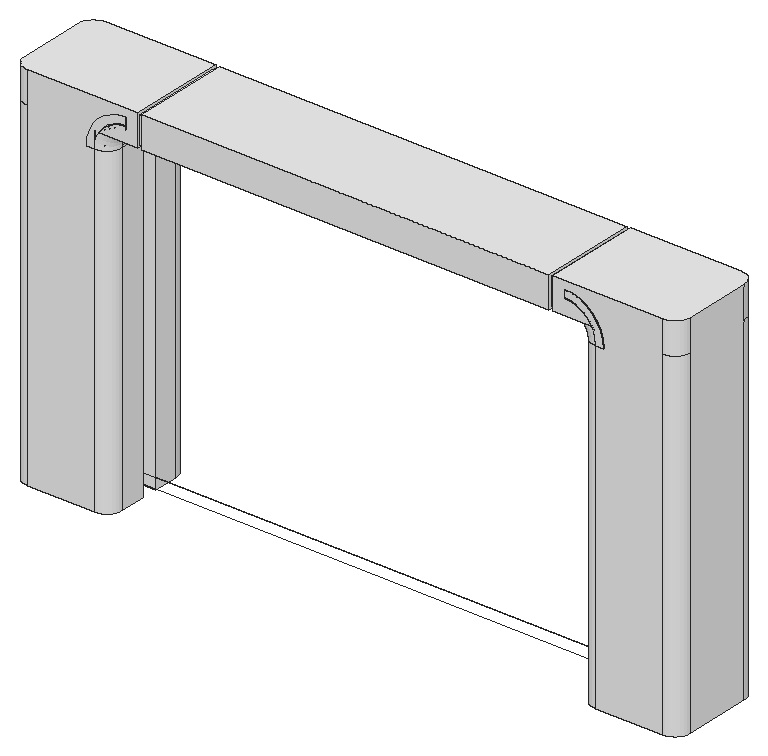
Revit family "Soap Holder-Wall-Dorf Epic", category Specialty Equipment, host Face, Revit 2012
Parameters (values of type "Epic Soap Holder")
  URL = "http://www.dorf.com.au/"
  Type Comments = "Epic Soap Holder"
  Model = "6421.04"
  Material_ANZRS = Metal-Chrome-Caroma
  Manufacturer = "Dorf"  # constant formula
  Length_ANZRS = 145 mm  # constant formula
  Glazing = Glass-Clear-Caroma
  Description = "In line with the current bathroom trend toward more minimally styled geometric shapes"  # constant formula
  Default Elevation = 900 mm
  CreatedBy_ANZRS = "Design Content"  # constant formula
  CreatedByURL_ANZRS = "www.designcontent.com.au"
  Cost = 0
  Assembly Code = "C1030200"
Reference planes
  plane 1 "Center (Elevation)": y = 0
  plane 2 "Back": z = 0
  plane 3 "Center (Left/Right)": x = 0
  plane 4 "Left": x = -72.5
  plane 5 "Right": x = 72.5
  plane 6 "Top": y = 12.5
  plane 7 "Bottom": y = -12.5
  plane 8 "Front": z = 95
  plane 9: x = -85
  plane 10: x = -60
  plane 11: x = 60
  plane 12: x = 85
Forms (mm)
  Extrusion 1, solid, material "Metal-Chrome-Caroma" <- "Material_ANZRS"
    sketch origin (0, 0, 0) x (1, 0, 0) y (0, 1, 0)
      loop
        arc (-81, 12.5) -> (-83.828, 11.328) -> (-85, 8.5) r 4
        line (-85, 8.5) -> (-85, -8.5)
        arc (-85, -8.5) -> (-83.828, -11.328) -> (-81, -12.5) r 4
        line (-81, -12.5) -> (-64, -12.5)
        arc (-64, -12.5) -> (-61.172, -11.328) -> (-60, -8.5) r 4
        line (-60, -8.5) -> (-60, -2) -> (-70, -2) -> (-70, 2) -> (-60, 2) -> (-60, 8.5)
        arc (-60, 8.5) -> (-61.172, 11.328) -> (-64, 12.5) r 4
        line (-64, 12.5) -> (-81, 12.5)
      loop
        line (81, 12.5) -> (64, 12.5)
        arc (64, 12.5) -> (61.172, 11.328) -> (60, 8.5) r 4
        line (60, 8.5) -> (60, 2) -> (70, 2) -> (70, -2) -> (60, -2) -> (60, -8.5)
        arc (60, -8.5) -> (61.172, -11.328) -> (64, -12.5) r 4
        line (64, -12.5) -> (81, -12.5)
        arc (81, -12.5) -> (83.828, -11.328) -> (85, -8.5) r 4
        line (85, -8.5) -> (85, 8.5)
        arc (85, 8.5) -> (83.828, 11.328) -> (81, 12.5) r 4
    from 0 to 87
  Extrusion 2, solid, material "Metal-Chrome-Caroma" <- "Material_ANZRS"
    sketch origin (0, 0, -43) x (1, 0, 0) y (0, 1, 0)
      loop
        line (-52, 12.5) -> (-52, -12.5) -> (52, -12.5) -> (52, 12.5) -> (-52, 12.5)
      loop
        line (53, 12.5) -> (53, -12.5) -> (81, -12.5)
        arc (81, -12.5) -> (83.828, -11.328) -> (85, -8.5) r 4
        line (85, -8.5) -> (85, 8.5)
        arc (85, 8.5) -> (83.828, 11.328) -> (81, 12.5) r 4
        line (81, 12.5) -> (53, 12.5)
      loop
        line (-53, 12.5) -> (-81, 12.5)
        arc (-81, 12.5) -> (-83.828, 11.328) -> (-85, 8.5) r 4
        line (-85, 8.5) -> (-85, -8.5)
        arc (-85, -8.5) -> (-83.828, -11.328) -> (-81, -12.5) r 4
        line (-81, -12.5) -> (-53, -12.5) -> (-53, 12.5)
    from 130 to 138
  Extrusion 3, solid, material "Metal-Chrome-Caroma" <- "Material_ANZRS"
    sketch origin (0, 0, 0) x (0, 1, 0) y (0, 0, 1)
      loop
        line (12, 94.5) -> (-12, 94.5) -> (-12, 87.5) -> (12, 87.5) -> (12, 94.5)
    from -60 to 60
  Extrusion 4, solid, material "Glass-Clear-Caroma" <- "Glazing"
    sketch origin (0, 0, 0) x (1, 0, 0) y (0, 1, 0)
      loop
        line (-69.5, 2) -> (-69.5, -2) -> (69.5, -2) -> (69.5, 2) -> (-69.5, 2)
    from 3 to 83
  Sweep 5, solid, material "Metal-Chrome-Caroma" <- "Material_ANZRS"
    path origin (0, 0, 0) x (1, 0, 0) y (0, 0, 1)
      loop
        arc (-60, 83) -> (-58.828, 85.828) -> (-56, 87) r 4
    profile origin (-60, 0, 83) x (-1, 0, 0) y (0, -1, 0)
      loop
        arc (0, -8.5) -> (1.172, -11.328) -> (4, -12.5) r 4
        line (4, -12.5) -> (6, -12.5) -> (6, 12.5) -> (4, 12.5)
        arc (4, 12.5) -> (1.172, 11.328) -> (0, 8.5) r 4
        line (0, 8.5) -> (0, -8.5)
  Sweep 6, solid, material "Metal-Chrome-Caroma" <- "Material_ANZRS"
    path origin (0, 0, 0) x (-1, 0, 0) y (0, 0, 1)
      loop
        arc (-60, 83) -> (-58.828, 85.828) -> (-56, 87) r 4
    profile origin (60, 0, 83) x (-1, 0, 0) y (0, -1, 0)
      loop
        line (0, -8.5) -> (0, 8.5)
        arc (0, 8.5) -> (-1.172, 11.328) -> (-4, 12.5) r 4
        line (-4, 12.5) -> (-6, 12.5) -> (-6, -12.5) -> (-4, -12.5)
        arc (-4, -12.5) -> (-1.172, -11.328) -> (0, -8.5) r 4
Cuts and joins
  joined: Extrusion 1, Extrusion 2, Extrusion 3
Dimensions and locks
  equal spacing: plane 4 "Left", plane 3 "Center (Left/Right)", plane 5 "Right"
  "Length_ANZRS": plane 4 "Left" to plane 5 "Right"
  equal spacing: plane 7 "Bottom", plane 1 "Center (Elevation)", plane 6 "Top"
  locked: plane 7 "Bottom" to plane 6 "Top" at 25
  plane 8 "Front" to level = 95 mm
  Extrusion 1 sketch curve to plane 4 "Left" to Extrusion 1 sketch curve = 12.5 mm locked, 12.5 mm locked
  Extrusion 1 sketch curve to plane 5 "Right" to Extrusion 1 sketch curve = 12.5 mm locked, 12.5 mm locked
  plane 9 to plane 4 "Left" to plane 10 = 12.5 mm locked, 12.5 mm locked
  plane 11 to plane 5 "Right" to plane 12 = 12.5 mm locked, 12.5 mm locked
  plane 10 to Extrusion 2 sketch curve to Extrusion 2 sketch curve = 7 mm locked, 1 mm locked
  Extrusion 2 sketch curve to Extrusion 2 sketch curve to plane 11 = 1 mm locked, 7 mm locked
  aligned and locked: plane 2 "Back" to host face
  aligned and locked: level to host face
  aligned and locked: Extrusion 2 sketch curve to plane 9
  aligned and locked: plane 12 to Extrusion 2 sketch curve
  aligned and locked: plane 10 to cut or joined group of Extrusion 1, Extrusion 2, Extrusion 3
  aligned and locked: plane 11 to cut or joined group of Extrusion 1, Extrusion 2, Extrusion 3
Automatic sketch dimensions
  host sketch curve to host sketch curve = 2438.4 mm  (x2)
  plane 7 "Bottom" to Extrusion 1 sketch curve = 0 mm  (x2)
  plane 6 "Top" to Extrusion 1 sketch curve = 0 mm  (x2)
  plane 9 to Extrusion 1 sketch curve = 4 mm  (x2)
  plane 4 "Left" to Extrusion 1 sketch curve = 2.5 mm
  plane 10 to Extrusion 1 sketch curve = 4 mm  (x2)
  Extrusion 1 sketch curve to plane 10 = 0 mm
  Extrusion 1 sketch curve to plane 11 = 0 mm
  plane 11 to Extrusion 1 sketch curve = 4 mm  (x2)
  Extrusion 1 sketch curve to plane 5 "Right" = 2.5 mm
  plane 12 to Extrusion 1 sketch curve = 4 mm  (x2)
  plane 1 "Center (Elevation)" to Extrusion 1 sketch curve = 2 mm  (x2)
  Extrusion 1 sketch curve to plane 1 "Center (Elevation)" = 2 mm  (x2)
  plane 6 "Top" to Extrusion 2 sketch curve = 0 mm  (x3)
  plane 7 "Bottom" to Extrusion 2 sketch curve = 0 mm  (x3)
  plane 9 to Extrusion 2 sketch curve = 4 mm  (x2)
  plane 12 to Extrusion 2 sketch curve = 4 mm  (x2)
  Extrusion 3 sketch curve to plane 7 "Bottom" = 0.5 mm
  plane 6 "Top" to Extrusion 3 sketch curve = 0.5 mm
  Extrusion 3 sketch curve to plane 8 "Front" = 7.5 mm
  Extrusion 3 sketch curve to plane 8 "Front" = 0.5 mm
  plane 4 "Left" to Extrusion 4 sketch curve = 3 mm
  Extrusion 4 sketch curve to plane 5 "Right" = 3 mm
  plane 1 "Center (Elevation)" to Extrusion 4 sketch curve = 2 mm
  Extrusion 4 sketch curve to plane 1 "Center (Elevation)" = 2 mm
  Sweep 5 sketch curve to plane 10 = 0 mm
  Sweep 5 sketch curve to plane 10 = 4 mm
  Sweep 5 sketch curve to plane 8 "Front" = 12 mm
  plane 11 to Sweep 6 sketch curve = 0 mm
  plane 11 to Sweep 6 sketch curve = 4 mm
  plane 8 "Front" to Sweep 6 sketch curve = 12 mm
  profile plane to Sweep 6 sketch curve = 6 mm
  profile plane to Sweep 6 sketch curve = 4 mm
  profile plane to Sweep 6 sketch curve = 0 mm
  Sweep 6 sketch curve to plane 1 "Center (Elevation)" = 12.5 mm
  plane 1 "Center (Elevation)" to Sweep 6 sketch curve = 8.5 mm
  Sweep 6 sketch curve to Sweep 6 sketch curve = 2 mm
  Sweep 5 sketch curve to profile plane = 0 mm
  Sweep 5 sketch curve to Sweep 5 sketch curve = 4 mm
  Sweep 5 sketch curve to Sweep 5 sketch curve = 2 mm
  Sweep 5 sketch curve to plane 1 "Center (Elevation)" = 12.5 mm
  plane 1 "Center (Elevation)" to Sweep 5 sketch curve = 8.5 mm
  Sweep 5 sketch curve to profile plane = 4 mm
